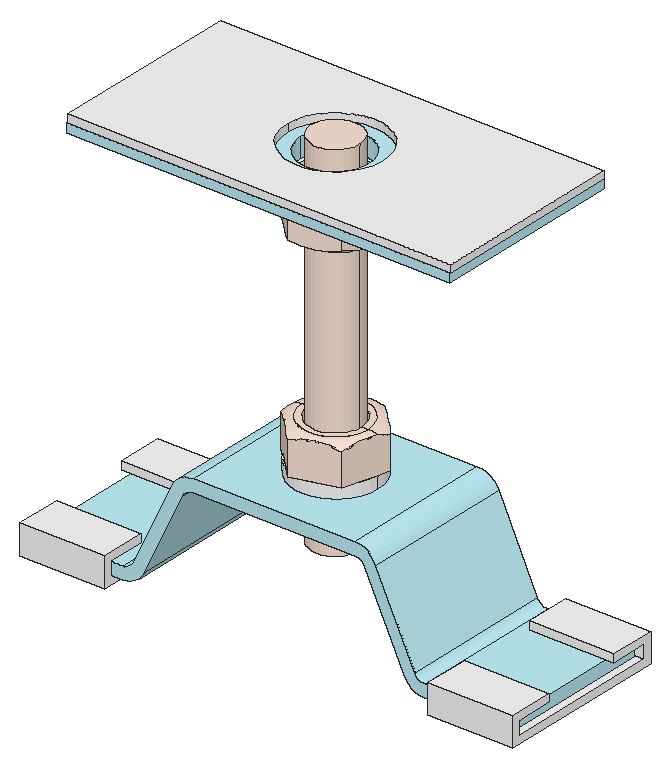
Revit family "GTクイーンスタンドタイプ", category 機械設備, Revit 2020
Family settings
  丸型コネクタ寸法 = 直径を使用
  種別 = なし
  パーツ タイプ = 標準
  作業面ベース = いいえ
  常に垂直 = はい
  ロード時にボイドで切り取り = いいえ
  共有 = いいえ
  部屋計算ポイント = いいえ
Parameters
  製造元 = "株式会社桐井製作所"
  既定の高さ = 0 mm
  URL = "https://www.kirii.co.jp/"
  K_名称 = "GTクイーンスタンドタイプ"
  K_備考 = "ボルト長さ60mm~250mmまで対応"
  K_バージョン情報 = "20221212"
Reference planes
  plane 1 "中心(正面/背面)": y = 0
  plane 2: z = 0
  plane 3 "中心(左/右)": x = 0
Dimensions and locks
  aligned and locked: level to plane 2
Nested families
  nested 1: "クッションゴムGTクイーン用" at (0.038, 0, 107.3), type "クッションゴムGTクイーン用"
  nested 2: "受け金具GTクイーン用" at (0, 0, 107.3) x (1, 0, 0) z (0, 0, -1), type "受け金具GTクイーン用"
  nested 3: "1／2”ナット" at (0.076, 0, 99.1) x (1, 0, 0) z (0, 0, -1), type "1／2”ナット"
  nested 4: "1／2”スプリングワッシャー" at (-0.038, 0, 99.1), type "1／2”スプリングワッシャー"
  nested 5: "1／2”ナット" at (0.076, 0, 35.2), type "1／2”ナット"
  nested 6: "1／2”スプリングワッシャー" at (0.038, 0, 32), type "1／2”スプリングワッシャー"
  nested 7: "1／2”ボルト" at (0.038, 0, 16.105), type "1／2”ボルト"
    with K_長さ(mm) 95 mm
  nested 8: "スタンドGTクイーン(スタンドタイプ用)" at (0, 0, 0), type "スタンドGTクイーン(スタンドタイプ用)"
Definition of nested family "クッションゴムGTクイーン用"
  Parameters (values of type "クッションゴムGTクイーン用")
    Manufacturer = "株式会社桐井製作所"
    Default Elevation = 0 mm
    URL = "https://www.kirii.co.jp/"
    K_材質 = "天然ゴム"
    K_名称 = "クッションゴムGTクイーン用"
    K_単位質量(kg/個) = 0.013
    K_バージョン情報 = "20221219"
    K_JIS規格 = "JIS Ｋ 6386"
  Reference planes
    plane 1 "中心(正面/背面)": y = 0
    plane 2: z = 0
    plane 3 "中心(左/右)": x = 0
  Forms (mm)
    Extrusion 1, solid
      sketch origin (0, 0, -108.4) x (-1, 0, 0) y (0, 0, 1)
        loop
          line (50, 108.4) -> (50, 110.4) -> (-50, 110.4) -> (-50, 108.4) -> (50, 108.4)
      from -25 to 25
    Extrusion 2, void
      sketch origin (0, 0, 0) x (1, 0, 0) y (0, 1, 0)
        loop
          circle (0, 0) r 12.5
      from 0 to 2
  Cuts and joins
    Extrusion 2 cuts Extrusion 1
  Dimensions and locks
    aligned and locked: level to plane 2
Definition of nested family "受け金具GTクイーン用"
  Parameters (values of type "受け金具GTクイーン用")
    Manufacturer = "株式会社桐井製作所"
    Default Elevation = 0 mm
    URL = "https://www.kirii.co.jp/"
    K_表面処理 = "Z12以上"
    K_材質 = "溶融亜鉛めっき鋼板及び鋼帯 JIS G 3302"
    K_名称 = "GTクイーン用受け金具"
    K_単位質量(kg/個) = 0.092
    K_バージョン情報 = "20221219"
  Reference planes
    plane 1 "中心(正面/背面)": y = 0
    plane 2: z = 0
    plane 3 "中心(左/右)": x = 0
  Forms (mm)
    Extrusion 1, solid
      sketch origin (0, 0, 0) x (1, 0, 0) y (0, 0, 1)
        loop
          line (-50, 2.3) -> (-50, 0) -> (50, 0) -> (50, 2.3) -> (-50, 2.3)
      from -25 to 25
    Revolve 2, solid
      sketch origin (0, 0, 0) x (1, 0, 0) y (0, 0, 1)
        loop
          line (0, 5) -> (0, 2.3) -> (17.5, 2.3)
          arc (17.5, 2.3) -> (16.21, 4.247) -> (14, 5) r 3.619
          line (14, 5) -> (0, 5)
        axis (0, 5) -> (0, 2.3)
      angle from 0 to 360
    Extrusion 3, void
      sketch origin (0, 0, 0) x (1, 0, 0) y (0, 1, 0)
        loop
          circle (-0.139, 0) r 9
      from 0 to 5
    Extrusion 4, void
      sketch origin (0, 0, 0) x (1, 0, 0) y (0, 1, 0)
        loop
          circle (-35.139, -10) r 2
        loop
          circle (34.861, 10) r 2
      from 0 to 2.3
  Cuts and joins
    Extrusion 3, Extrusion 4 cuts Extrusion 1
    Extrusion 3, Extrusion 4 cuts Revolve 2
    joined: Extrusion 1, Revolve 2
  Dimensions and locks
    aligned and locked: level to plane 2
Definition of nested family "1／2”ナット"
  Parameters (values of type "1／2”ナット")
    Manufacturer = "株式会社桐井製作所"
    Default Elevation = 0 mm
    URL = "https://www.kirii.co.jp/"
    K_表面処理 = "JIS H 8610 電気亜鉛めっき1級以上　JIS H 8625 1級CM1A以上"
    K_材質 = "軟鋼線材 JIS G 3505 同等以上"
    K_名称 = "1/2\"ナット"
    K_単位質量(kg/個) = 0.021
    K_バージョン情報 = "20221219"
  Reference planes
    plane 1 "中心(正面/背面)": y = 0
    plane 2: z = 0
    plane 3 "中心(左/右)": x = 0
  Forms (mm)
    Revolve 1, solid
      sketch origin (0, 0, 2.36) x (1, 0, 0) y (0, 0, 1)
        loop
          line (7, 7.64) -> (7, -2.36) -> (13, -2.36) -> (13, 4.782)
          arc (13, 4.782) -> (11.208, 6.863) -> (8.573, 7.64) r 4.858
          line (8.573, 7.64) -> (7, 7.64)
        axis (0, 7.64) -> (0, -2.36)
      angle from 0 to 360
    Extrusion 2, void
      sketch origin (0, 0, 0) x (1, 0, 0) y (0, 1, 0)
        loop
          circle (0, 0) r 14
        loop
          line (3.138, 11.711) -> (-8.573, 8.573) -> (-11.711, -3.138) -> (-3.138, -11.711) -> (8.573, -8.573) -> (11.711, 3.138) -> (3.138, 11.711)
      from 0 to 10
  Cuts and joins
    Extrusion 2 cuts Revolve 1
  Dimensions and locks
    aligned and locked: level to plane 2
Definition of nested family "1／2”スプリングワッシャー"
  Parameters (values of type "1／2”スプリングワッシャー")
    Manufacturer = "株式会社桐井製作所"
    Default Elevation = 0 mm
    URL = "https://www.kirii.co.jp/"
    K_表面処理 = "JIS H 8610 電気亜鉛めっき1級以上　JIS H 8625 1級CM1A以上"
    K_材質 = "軟鋼線材 JIS G 3505 同等以上"
    K_名称 = "1/2”スプリングワッシャー"
    K_単位質量(kg/個) = 0.001
    K_バージョン情報 = "20221219"
  Reference planes
    plane 1 "中心(正面/背面)": y = 0
    plane 2: z = 0
    plane 3 "中心(左/右)": x = 0
  Forms (mm)
    Extrusion 1, solid
      sketch origin (0, 0, 0) x (1, 0, 0) y (0, 1, 0)
        loop
          circle (0, 0.162) r 11
        loop
          circle (0, 0.162) r 8
      from 0 to 3.2
  Dimensions and locks
    aligned and locked: level to plane 2
Definition of nested family "1／2”ボルト"
  Parameters (values of type "1／2”ボルト")
    Manufacturer = "株式会社桐井製作所"
    Default Elevation = 0 mm
    URL = "https://www.kirii.co.jp/"
    K_長さ(mm) [instance] = 100 mm
    K_表面処理 = "JIS H 8610 電気亜鉛めっき1級以上　JIS H 8625 1級CM1A以上"
    K_材質 = "軟鋼線材　JIS G 3505　同等以上"
    K_名称 = "1/2”ボルト"
    K_単位質量(㎏/mm) = 0.075
    K_バージョン情報 = "20221219"
  Reference planes
    plane 1 "中心(正面/背面)": y = 0
    plane 2: z = 0
    plane 3 "中心(左/右)": x = 0
  Forms (mm)
    Extrusion 1, solid
      sketch origin (0.058, 0, 0) x (1, 0, 0) y (0, 1, 0)
        loop
          circle (-0.02, 0) r 6.35
      from 0 to 100
  Dimensions and locks
    "K_長さ(mm)": Extrusion 1 to Extrusion 1
    aligned and locked: level to plane 2
  Automatic sketch dimensions
    plane 1 "中心(正面/背面)" to Extrusion 1 sketch curve = 0 mm
    plane 3 "中心(左/右)" to Extrusion 1 sketch curve = 0.038 mm
    radius of Extrusion 1 sketch curve = 6.35 mm
Definition of nested family "スタンドGTクイーン(スタンドタイプ用)"
  Parameters (values of type "スタンドGTクイーン(スタンドタイプ用)")
    Manufacturer = "株式会社桐井製作所"
    Default Elevation = 0 mm
    URL = "https://www.kirii.co.jp/"
    K_表面処理 = "Z12以上"
    K_材質 = "溶融亜鉛めっき鋼板及び鋼帯 JIS G 3302"
    K_名称 = "GTクイーン用受け金具スタンドタイプ"
    K_単位質量(kg/個) = 0.141
    K_バージョン情報 = "20221219"
  Reference planes
    plane 1 "中心(正面/背面)": y = 0
    plane 2: z = 0
    plane 3 "中心(左/右)": x = 0
  Forms (mm)
    Extrusion 1, solid
      sketch origin (0, 0, 0) x (1, 0, 0) y (0, 0, 1)
        loop
          arc (-21.051, 32) -> (-24.382, 31.029) -> (-26.669, 28.421) r 6.2
          line (-26.669, 28.421) -> (-36.692, 6.932)
          arc (-36.692, 6.932) -> (-37.799, 5.67) -> (-39.411, 5.2) r 3
          line (-39.411, 5.2) -> (-62, 5.2) -> (-62, 2) -> (-39.411, 2)
          arc (-39.411, 2) -> (-36.08, 2.971) -> (-33.792, 5.579) r 6.2
          line (-33.792, 5.579) -> (-23.769, 27.068)
          arc (-23.769, 27.068) -> (-22.662, 28.33) -> (-21.051, 28.8) r 3
          line (-21.051, 28.8) -> (21.051, 28.8)
          arc (21.051, 28.8) -> (22.662, 28.33) -> (23.769, 27.068) r 3
          line (23.769, 27.068) -> (33.792, 5.579)
          arc (33.792, 5.579) -> (36.08, 2.971) -> (39.411, 2) r 6.2
          line (39.411, 2) -> (62, 2) -> (62, 5.2) -> (39.411, 5.2)
          arc (39.411, 5.2) -> (37.799, 5.67) -> (36.692, 6.932) r 3
          line (36.692, 6.932) -> (26.669, 28.421)
          arc (26.669, 28.421) -> (24.382, 31.029) -> (21.051, 32) r 6.2
          line (21.051, 32) -> (-21.051, 32)
      from -20 to 20
    Extrusion 2, void
      sketch origin (0, 0, 0) x (1, 0, 0) y (0, 1, 0)
        loop
          circle (-0.139, 0) r 6.4
      from 28.8 to 32
    Extrusion 3, solid
      sketch origin (0, 0, 0) x (1, 0, 0) y (0, 1, 0)
        loop
          circle (-0.139, 0) r 7.25
        loop
          circle (-0.139, 0) r 6.4
      from 24.7 to 28.8
    Extrusion 4, solid
      sketch origin (0, 0, 0) x (0, 1, 0) y (0, 0, 1)
        loop
          line (10.5, 7.5) -> (10.5, 5.5) -> (20.5, 5.5) -> (20.5, 2) -> (-20.5, 2) -> (-20.5, 5.5) -> (-10.5, 5.5) -> (-10.5, 7.5) -> (-22.5, 7.5) -> (-22.5, 0) -> (22.5, 0) -> (22.5, 7.5) -> (10.5, 7.5)
      from -64.259 to -42.259
    Extrusion 5, solid
      sketch origin (106.519, 0, 0) x (0, 1, 0) y (0, 0, 1)
        loop
          line (10.5, 7.5) -> (10.5, 5.5) -> (20.5, 5.5) -> (20.5, 2) -> (-20.5, 2) -> (-20.5, 5.5) -> (-10.5, 5.5) -> (-10.5, 7.5) -> (-22.5, 7.5) -> (-22.5, 0) -> (22.5, 0) -> (22.5, 7.5) -> (10.5, 7.5)
      from -64.259 to -42.259
  Cuts and joins
    Extrusion 2 cuts Extrusion 1
    joined: Extrusion 1, Extrusion 3
  Dimensions and locks
    aligned and locked: level to plane 2
